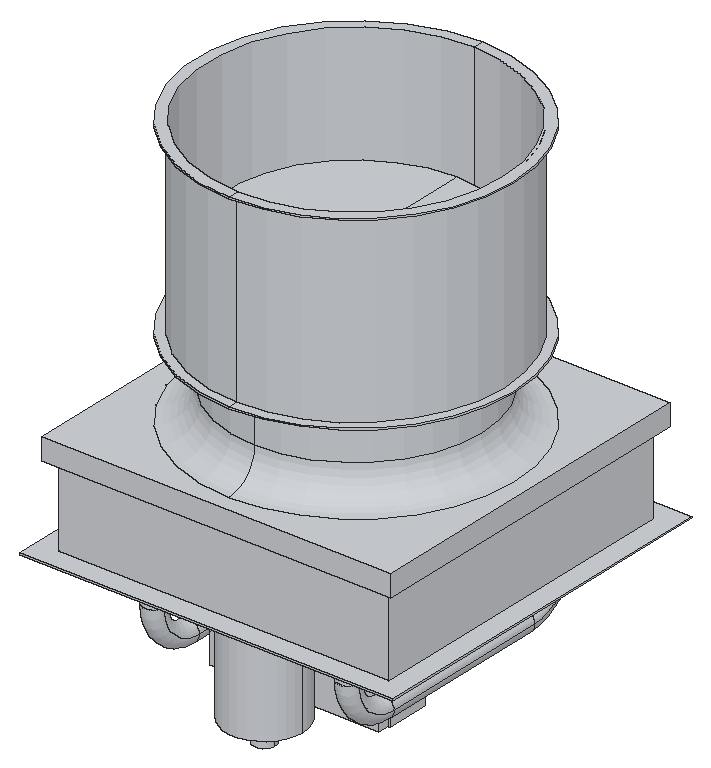
Revit family "LTU", category Mechanical Equipment, Revit 2019
Family settings
  Round Connector Dimension = Use Diameter
  Part Type = Normal
  Work Plane-Based = No
  Always vertical = Yes
  Cut with Voids When Loaded = No
  Shared = No
  Room Calculation Point = No
Parameters (values of type "20_LTU")
  ro = T_SQ - 0' 4 1/2"  # 2' - 3 1/2"
  Unit Weight [instance] = ""
  T_SQ/2 = T_SQ / 2  # 1' - 4"
  T_SQ = 2' - 8"
  Sones [instance] = ""
  RO/2 = ro / 2  # 1' - 1 3/4"
  Motor RPM [instance] = ""
  Motor Enclosure [instance] = ""
  ModelID [instance] = ""
  MP/2 = T_SQ / 4  # 0' - 8"
  LwA [instance] = ""
  Fan RPM [instance] = ""
  F = 0' - 0"
  E-.125" = E - 0' 0 1/8"  # 0' - 1 7/8"
  E = 0' - 2"
  D = 1' - 10"
  CURB_HEIGHT [instance] = 0' - 9 1/2"
  CURB [instance] = yes
  C/2 = C / 2  # 0' - 8 3/4"
  C = 1' - 5 1/2"
  B/2 = B / 2  # 1' - 0 7/16"
  B = 2' - 0 7/8"
  Accessories [instance] = ""
  A/2 = A / 2  # 1' - 1 5/8"
  A = 2' - 3 1/4"
  3" = 0' - 3"  # constant formula
  Brake Hp [instance] = ""
  4" = 0' - 4"  # constant formula
  2' = 2' - 0"
  2" = 0' - 2"  # constant formula
  1' = 1' - 0"  # constant formula
  1" = 0' - 1"  # constant formula
  0 = 0' - 0"  # constant formula
  Voltage [instance] = 0 V
  URL = "www.lorencook.com"
  Type Comments = "Low Silhouette Upblast Exhaust Ventilator Triton Propeller Roof Mounted/Belt Drive"  # constant formula
  Static Pressure [instance] = 0.00 in-wg
  Power [instance] = Voltage * Motor FLA * sqrt(if(Phase = 3, 3, 1))  # 0 VA
  Phase [instance] = 0
  Number of Poles [instance] = 1
  Motor Hp [instance] = "0"
  Motor FLA [instance] = 0 A
  Model = "LTU"  # constant formula
  Manufacturer = "Loren Cook Company"
  CFM [instance] = 0 CFM
  1.5 = 0' - 1 1/2"  # constant formula
  ONE EIGTH = 0' - 0 1/8"  # constant formula
  -D+4" = -D + 0' 4" + E  # -1' - 4"
  -D+2" = -D + 0' 2" + E  # -1' - 6"
  -D = -D + E  # -1' - 8"
  (T_SQ/2)+.125" = (T_SQ / 2) + 0' 0 1/8"  # 1' - 4 1/8"
  (A/2)-2" = (A / 2) - 0' 2"  # 0' - 11 5/8"
Types (9): name | ro | T_SQ/2 | T_SQ | RO/2 | MP/2 | E-.125" | E | D | C/2 | C | B/2 | B | A/2 | A | -D+4" | -D+2" | -D | (T_SQ/2)+.125" | (A/2)-2"
  (no name) | 2' - 3 1/2" | 1' - 4" | 2' - 8" | 1' - 1 3/4" | 0' - 8" | 0' - 1 7/8" | 0' - 2" | 1' - 10" | 0' - 8 3/4" | 1' - 5 1/2" | 1' - 0 7/16" | 2' - 0 7/8" | 1' - 1 5/8" | 2' - 3 1/4" | -1' - 4" | -1' - 6" | -1' - 8" | 1' - 4 1/8" | 0' - 11 5/8"
  20_LTU | 2' - 3 1/2" | 1' - 4" | 2' - 8" | 1' - 1 3/4" | 0' - 8" | 0' - 1 7/8" | 0' - 2" | 1' - 10" | 0' - 8 3/4" | 1' - 5 1/2" | 1' - 0 7/16" | 2' - 0 7/8" | 1' - 1 5/8" | 2' - 3 1/4" | -1' - 4" | -1' - 6" | -1' - 8" | 1' - 4 1/8" | 0' - 11 5/8"
  24_LTU | 2' - 7 1/2" | 1' - 6" | 3' - 0" | 1' - 3 3/4" | 0' - 9" | 0' - 2 7/8" | 0' - 3" | 1' - 10" | 0' - 9 9/16" | 1' - 7 1/8" | 1' - 1 3/8" | 2' - 2 3/4" | 1' - 3 5/8" | 2' - 7 1/4" | -1' - 3" | -1' - 5" | -1' - 7" | 1' - 6 1/8" | 1' - 1 5/8"
  30_LTU | 3' - 1 1/2" | 1' - 9" | 3' - 6" | 1' - 6 3/4" | 0' - 10 1/2" | 0' - 2 7/8" | 0' - 3" | 1' - 10" | 0' - 11 13/16" | 1' - 11 5/8" | 1' - 4 7/8" | 2' - 9 3/4" | 1' - 6 5/8" | 3' - 1 1/4" | -1' - 3" | -1' - 5" | -1' - 7" | 1' - 9 1/8" | 1' - 4 5/8"
  36_LTU | 3' - 7 1/2" | 2' - 0" | 4' - 0" | 1' - 9 3/4" | 1' - 0" | 0' - 2 7/8" | 0' - 3" | 1' - 10" | 1' - 0 13/16" | 2' - 1 5/8" | 1' - 7" | 3' - 2" | 1' - 9 5/8" | 3' - 7 1/4" | -1' - 3" | -1' - 5" | -1' - 7" | 2' - 0 1/8" | 1' - 7 5/8"
  42_LTU | 4' - 1 1/2" | 2' - 3" | 4' - 6" | 2' - 0 3/4" | 1' - 1 1/2" | 0' - 2 7/8" | 0' - 3" | 1' - 10" | 1' - 1 13/16" | 2' - 3 5/8" | 1' - 10" | 3' - 8" | 2' - 0 5/8" | 4' - 1 1/4" | -1' - 3" | -1' - 5" | -1' - 7" | 2' - 3 1/8" | 1' - 10 5/8"
  48_LTU | 4' - 7 1/2" | 2' - 6" | 5' - 0" | 2' - 3 3/4" | 1' - 3" | 0' - 2 7/8" | 0' - 3" | 2' - 1" | 1' - 3 5/8" | 2' - 7 1/4" | 2' - 0 13/16" | 4' - 1 5/8" | 2' - 3 5/8" | 4' - 7 1/4" | -1' - 6" | -1' - 8" | -1' - 10" | 2' - 6 1/8" | 2' - 1 5/8"
  54_LTU | 5' - 1 1/2" | 2' - 9" | 5' - 6" | 2' - 6 3/4" | 1' - 4 1/2" | 0' - 2 7/8" | 0' - 3" | 2' - 5" | 1' - 5 5/8" | 2' - 11 1/4" | 2' - 0 1/16" | 4' - 0 1/8" | 2' - 6 5/8" | 5' - 1 1/4" | -1' - 10" | -2' - 0" | -2' - 2" | 2' - 9 1/8" | 2' - 4 5/8"
  60_LTU | 5' - 7 1/2" | 3' - 0" | 6' - 0" | 2' - 9 3/4" | 1' - 6" | 0' - 2 7/8" | 0' - 3" | 2' - 5" | 1' - 6 1/4" | 3' - 0 1/2" | 2' - 1 3/16" | 4' - 2 3/8" | 2' - 9 5/8" | 5' - 7 1/4" | -1' - 10" | -2' - 0" | -2' - 2" | 3' - 0 1/8" | 2' - 7 5/8"
Reference planes (in)
  plane 1 "Center (Front/Back)": y = 0
  plane 2: z = 0
  plane 3 "Center (Left/Right)": x = 0.40541
Forms (in)
  Extrusion 1, solid
    sketch origin (0, 0, 0) x (1, 0, 0) y (0, 1, 0)
      loop
        line (-15.71959, 16.125) -> (-15.71959, -16.125) -> (16.53041, -16.125) -> (16.53041, 16.125) -> (-15.71959, 16.125)
    from 0 to 2 <- "E"
  Extrusion 2, void
    sketch origin (0, 0, 0) x (1, 0, 0) y (0, 1, 0)
      loop
        line (-15.59459, 16) -> (-15.59459, -16) -> (16.40541, -16) -> (16.40541, 16) -> (-15.59459, 16)
    from 0 to 1.875 <- "E-.125""
  Extrusion 3, solid
    sketch origin (0, 0, 0) x (1, 0, 0) y (0, 1, 0)
      loop
        line (-7.59459, -6) -> (-7.46959, -6) -> (-7.46959, -2.125) -> (8.28041, -2.125) -> (8.28041, -6) -> (8.40541, -6) -> (8.40541, -2) -> (-7.59459, -2) -> (-7.59459, -6)
    from 0 to -18 <- "-D+2""
  Extrusion 4, solid
    sketch origin (0, 0, 0) x (1, 0, 0) y (0, 1, 0)
      loop
        line (-7.46959, -5) -> (-7.46959, -7) -> (8.15541, -7) -> (8.15541, -5) -> (-7.46959, -5)
    from 0 to -18 <- "-D+2""
  Extrusion 5, solid
    sketch origin (0, 0, 0) x (1, 0, 0) y (0, 1, 0)
      loop
        circle (0.40541, -10.5625) r 3.5625
    from -4 to -20 <- "-D"
  Extrusion 6, void
    sketch origin (0, 0, 0) x (1, 0, 0) y (0, 1, 0)
      loop
        circle (0.40541, -10.5625) r 3.5625
      loop
        circle (0.40541, -10.5625) r 1
    from -18 <- "-D+2"" to -20 <- "-D"
  Extrusion 7, solid
    sketch origin (0, 0, 0) x (1, 0, 0) y (0, 1, 0)
      loop
        circle (0.40541, 0) r 1
    from 0 to -20 <- "-D"
  Extrusion 8, solid
    sketch origin (0, 0, 0) x (1, 0, 0) y (0, 1, 0)
      loop
        line (-2.59459, -2) -> (3.40541, -2) -> (3.40541, -0.5) -> (2.3419, -0.5)
        arc (2.3419, -0.5) -> (0.40541, 2) -> (-1.53108, -0.5) r 2
        line (-1.53108, -0.5) -> (-2.59459, -0.5) -> (-2.59459, -2)
    from -16 <- "-D+4"" to -18 <- "-D+2""
  Sweep 9, solid
    path origin (0.40541, 0, 0) x (0, 1, 0) y (0, 0, 1)
      loop
        line (12.125, 1.875) -> (12.125, -11)
        arc (12.125, -11) -> (10.95343, -13.82843) -> (8.125, -15) r 4
        line (8.125, -15) -> (-8.125, -15)
        arc (-8.125, -15) -> (-10.95343, -13.82843) -> (-12.125, -11) r 4
        line (-12.125, -11) -> (-12.125, 1.875)
    profile origin (0.40541, 12.125, -4.5625) x (1, 0, 0) y (0, 1, 0)
      loop
        circle (9, 0) r 1
      loop
        circle (-9, 0) r 1
  Revolve 10, solid
    sketch origin (0.40541, 0, 0) x (0, 1, 0) y (0, 0, 1)
      loop
        line (0, 2) -> (0, 17) -> (-11.625, 17) -> (-11.625, 5)
        arc (-11.625, 5) -> (-12.50368, 2.87868) -> (-14.625, 2) r 3
        line (-14.625, 2) -> (0, 2)
      axis (0, 2) -> (0, 17)
    angle from 0 to 360
  Revolve 11, solid
    sketch origin (0.40541, 0, 0) x (0, 1, 0) y (0, 0, 1)
      loop
        line (-14.625, 26.875) -> (-14.625, 26.75) -> (-13.75, 26.75) -> (-13.75, 9.5) -> (-14.625, 9.5) -> (-14.625, 9.375) -> (-13.625, 9.375) -> (-13.625, 26.875) -> (-14.625, 26.875)
      axis (0, 9.375) -> (0, 26.875)
    angle from 0 to 360
  Extrusion 12, solid, visible <- "CURB"
    sketch origin (0, 0, 1.875) x (0, 1, 0) y (1, 0, 0)
      loop
        line (-13.75, -13.34459) -> (13.75, -13.34459) -> (13.75, 14.15541) -> (-13.75, 14.15541) -> (-13.75, -13.34459)
      loop
        line (15.25, 15.65541) -> (-15.25, 15.65541) -> (-15.25, -14.84459) -> (15.25, -14.84459) -> (15.25, 15.65541)
    from 0 to 9.5 <- "CURB_HEIGHT"
  Extrusion 13, solid, visible <- "CURB"
    sketch origin (0, 0, -7.625) x (-1, 0, 0) y (0, 1, 0)
      loop
        line (14.84459, -15.25) -> (14.84459, 15.25) -> (-15.65541, 15.25) -> (-15.65541, -15.25) -> (14.84459, -15.25)
      loop
        line (-17.65541, 17.25) -> (-17.65541, -17.25) -> (16.84459, -17.25) -> (16.84459, 17.25) -> (-17.65541, 17.25)
    from 0 to -0.125
Cuts and joins
  Extrusion 2 cuts Extrusion 1
  Extrusion 6 cuts Extrusion 4
  Extrusion 6 cuts Extrusion 5
Dimensions and locks (in)
  "(T_SQ/2)+.125"": Extrusion 1 sketch curve to plane 3 "Center (Left/Right)"
  "(T_SQ/2)+.125"": plane 3 "Center (Left/Right)" to Extrusion 1 sketch curve
  "(T_SQ/2)+.125"": plane 1 "Center (Front/Back)" to Extrusion 1 sketch curve
  "(T_SQ/2)+.125"": Extrusion 1 sketch curve to plane 1 "Center (Front/Back)"
  "T_SQ/2": Extrusion 2 sketch curve to plane 3 "Center (Left/Right)"
  "T_SQ/2": plane 3 "Center (Left/Right)" to Extrusion 2 sketch curve
  "T_SQ/2": plane 1 "Center (Front/Back)" to Extrusion 2 sketch curve
  "T_SQ/2": Extrusion 2 sketch curve to plane 1 "Center (Front/Back)"
  "2"": Extrusion 3 sketch curve to plane 1 "Center (Front/Back)"
  "ONE EIGTH": Extrusion 3 sketch curve to Extrusion 3 sketch curve  (x3)
  "4"": Extrusion 3 sketch curve to Extrusion 3 sketch curve
  "MP/2": plane 3 "Center (Left/Right)" to Extrusion 3 sketch curve
  "MP/2": Extrusion 3 sketch curve to plane 3 "Center (Left/Right)"
  "ONE EIGTH": Extrusion 3 to Extrusion 4 sketch curve
  "ONE EIGTH": Extrusion 4 sketch curve to Extrusion 3
  "1"": Extrusion 3 to Extrusion 4 sketch curve
  "2"": Extrusion 4 sketch curve to Extrusion 4 sketch curve
  "2"": cut or joined group of Extrusion 1, Extrusion 2 to Extrusion 5 sketch curve
  "0": Extrusion 5 sketch curve to Extrusion 4
  "0": Extrusion 5 sketch curve to plane 3 "Center (Left/Right)"
  "0": Extrusion 6 sketch curve to Extrusion 6 sketch curve
  "0": plane 3 "Center (Left/Right)" to Extrusion 6 sketch curve
  "0": Extrusion 6 sketch curve to plane 3 "Center (Left/Right)"
  "0": Extrusion 6 sketch curve to Extrusion 4
  "2"": cut or joined group of Extrusion 1, Extrusion 2 to Extrusion 6 sketch curve
  "0": Extrusion 7 sketch curve to plane 1 "Center (Front/Back)"
  "0": Extrusion 7 sketch curve to plane 3 "Center (Left/Right)"
  "0": Extrusion 8 sketch curve to Extrusion 3
  "3"": Extrusion 8 sketch curve to plane 3 "Center (Left/Right)"
  "3"": plane 3 "Center (Left/Right)" to Extrusion 8 sketch curve
  "0": Extrusion 8 sketch curve to plane 1 "Center (Front/Back)"
  "0": Extrusion 8 sketch curve to plane 3 "Center (Left/Right)"
  "1.5": Extrusion 8 sketch curve to Extrusion 3
  "0": Extrusion 8 sketch curve to Extrusion 8 sketch curve
  "4"": cut or joined group of Extrusion 1, Extrusion 2 to Sweep 9 sketch curve
  "4"": Sweep 9 sketch curve to cut or joined group of Extrusion 1, Extrusion 2
  "ONE EIGTH": cut or joined group of Extrusion 1, Extrusion 2 to Sweep 9 sketch curve  (x2)
  "1"": Extrusion 8 to Sweep 9 sketch curve
  "0": Sweep 9 sketch curve to profile plane
  "0": profile plane to Sweep 9 sketch curve
  "0": Sweep 9 sketch curve to Extrusion 3
  "0": Extrusion 3 to Sweep 9 sketch curve
  "(A/2)-2"": plane 1 "Center (Front/Back)" to Revolve 10 sketch curve
  "1'": Revolve 10 sketch curve to Revolve 10 sketch curve
  "0": Revolve 10 sketch curve to cut or joined group of Extrusion 1, Extrusion 2
  "0": Revolve 10 sketch curve to plane 1 "Center (Front/Back)"  (x2)
  "A/2": plane 1 "Center (Front/Back)" to Revolve 11 sketch curve
  "ONE EIGTH": Revolve 11 sketch curve to Revolve 11 sketch curve  (x3)
  "B": Revolve 11 sketch curve to cut or joined group of Extrusion 1, Extrusion 2
  "1"": Revolve 11 sketch curve to Revolve 11 sketch curve  (x2)
  "C": Revolve 11 sketch curve to Revolve 11 sketch curve
  "0": Revolve 11 sketch curve to plane 1 "Center (Front/Back)"
  "1.5": Extrusion 12 sketch curve to Extrusion 12 sketch curve  (x4)
  "RO/2": Extrusion 12 sketch curve to plane 3 "Center (Left/Right)"
  "RO/2": plane 3 "Center (Left/Right)" to Extrusion 12 sketch curve
  "RO/2": Extrusion 12 sketch curve to plane 1 "Center (Front/Back)"  (x2)
  "2"": Extrusion 13 sketch curve to Extrusion 13 sketch curve  (x4)
  "0": Extrusion 12 to Extrusion 13 sketch curve
  "0": Extrusion 13 sketch curve to Extrusion 12  (x3)
  "1"": radius of Extrusion 6 sketch curve
  "1"": radius of Extrusion 7 sketch curve
  "2"": radius of Extrusion 8 sketch curve
  "4"": radius of Sweep 9 sketch curve  (x2)
  "1"": radius of Sweep 9 sketch curve  (x2)
  "3"": radius of Revolve 10 sketch curve
Automatic sketch dimensions
  Extrusion 3 sketch curve to Extrusion 3 sketch curve = 0' - 0"
  Extrusion 8 sketch curve to Extrusion 8 sketch curve = 0' - 0"
  Revolve 10 sketch curve to Revolve 10 sketch curve = 0' - 0"
  Revolve 10 sketch curve to Revolve 10 sketch curve = 0' - 2 1/4"
  Revolve 11 sketch curve to Revolve 11 sketch curve = 0' - 1 3/4"
  Revolve 11 sketch curve to Revolve 11 sketch curve = 0' - 2"
Connectors (in)
  electrical at (0.40541, -10.5625, -4)
    settings: on cut or joined group of Extrusion 5, Extrusion 6, index 2, voltage 0 V, apparent load 0 VA, apparent load phase1 0 VA, apparent load phase2 0 VA, apparent load phase3 0 VA, power factor 1, load classification "Other", number of poles 1, system type 30, power factor state 1, is connector primary yes, connector utility no, sub classification motor no, connector description ""
  hvac at (0.40541, 0, 2), driven by "CFM", driven by "ro", driven by "ro"
    settings: on cut or joined group of Extrusion 1, Extrusion 2, index 3, duct flow 0 CFM, flow factor 0, pres drop 0.00 in-wg, loss coef 0, conn angle 0.00°, conn width 27 1/2", conn height 27 1/2", conn diameter 24", duct sys type 3, conn prof type 1, flow config 0, flow direction 1, loss method 0, conn ref index -1, conn util no, is conn primary yes, conn desc ""
